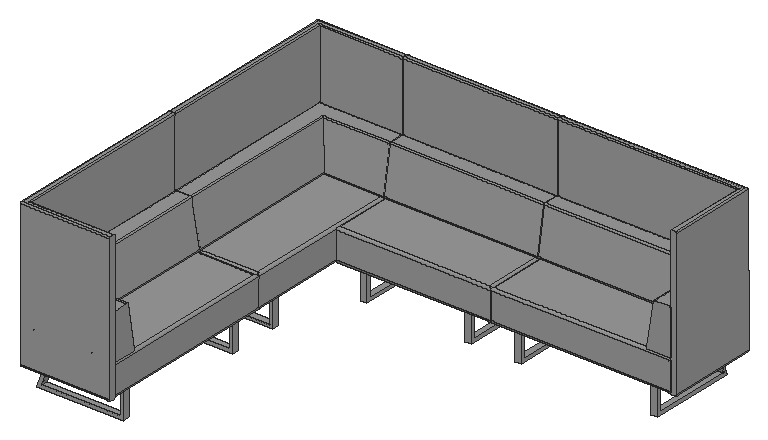
Revit family "TP2HL - TP2LRL", category Furniture, Revit 2016
Family settings
  OmniClass Number = 23.40.20.00
  OmniClass Title = General Furniture and Specialties
  Work Plane-Based = No
  Always vertical = Yes
  Cut with Voids When Loaded = No
  Shared = No
  Room Calculation Point = No
Parameters (values of type "TP2HL-K")
  URL = "www.gof.co.uk"
  Seat = GABRIEL Byron_02101
  Range = "SEATING"
  Product Data Specification = "https://gof.co.uk/wp-content/uploads/2016/02/Take-Off-Task-Product-Data-Sheet.compressed.pdf"
  Product Code = "TP2HL-K"
  Product Brochure = "https://gof.co.uk/wp-content/uploads/2016/04/Take_Off_Reception_Brochure_2016.pdf"
  Model = "TAKE OFF PLUS"
  Manufacturer = "Gresham Office Furniture"  # constant formula
  Low Surround = GABRIEL Byron_02101
  Low Surround (Vis) = no
  High Surround (Vis) = yes
  High Surround = GABRIEL Byron_02101
  Circular Leg Frame = no
  Back = GABRIEL Byron_13101
  Angled Base Frame = yes
Types (5, lengths in mm): name | Product Code | Low Surround (Vis) | High Surround (Vis) | Circular Leg Frame | Angled Base Frame
  (no name) | "TP2HL-K" | no | yes | no | yes
  TP2LL-K | "TP2LL-K" | yes | no | no | yes
  TP2HL-K | "TP2HL-K" | no | yes | no | yes
  TP2HL-4 | "TP2HL-4" | no | yes | yes | no
  TP2LL-4 | "TP2LL-4" | yes | no | yes | no
Reference planes
  plane 1 "Center (Front/Back)": y = 0
  plane 2: z = 0
  plane 3 "Center (Left/Right)": x = 0
  plane 4: z = 1360
  plane 5: y = 347.5
  plane 6: x = -1895
  plane 7: x = 1446
  plane 8: x = -1850
  plane 9: x = 1401
  plane 10: y = 302.5
  plane 11: y = -347.5
Dimensions and locks
  plane 4 to level = 1360 mm
  locked: plane 8 to plane 6 at 45
  locked: plane 7 to plane 9 at 45
  locked: plane 10 to plane 5 at 45
  locked: plane 11 to plane 5 at 695
  equal spacing: plane 11, plane 1 "Center (Front/Back)", plane 5
  plane 7 to plane 3 "Center (Left/Right)" to plane 6 = 1446 mm, 1895 mm
  plane 7 to plane 6 = 3341 mm
  plane 3 "Center (Left/Right)" to nested 3 = 1200 mm
  aligned and locked: level to plane 2
Nested families
  nested 1: "TP4H - TP4L Component" at (723, 0, 0) x (-1, 0, 0) z (0, 0, 1), type "TP4H-K"
  nested 2: "TP1H - TP1L Component" at (-600, 0, 0) x (-1, 0, 0) z (0, 0, 1), type "TP1H-K"
  nested 3: "TP4H - TP4L Component" at (-1547.5, -375.5, 0) x (0, -1, 0) z (0, 0, 1), type "TP4H-K"
  nested 4: "TP4H - TP4L Component" at (-1547.5, -1821.5, 0) x (0, 1, 0) z (0, 0, 1), type "TP4H-K"
Definition of nested family "TP4H - TP4L Component"
  Parameters (values of type "TP4H-K")
    URL = "www.gof.co.uk"
    Seat = none
    Range = "SEATING"
    Product Data Specification = "https://gof.co.uk/wp-content/uploads/2016/02/Take-Off-Task-Product-Data-Sheet.compressed.pdf"
    Product Code = "TP4H-K"
    Product Brochure = "https://gof.co.uk/wp-content/uploads/2016/04/Take_Off_Reception_Brochure_2016.pdf"
    Model = "TAKE OFF PLUS"
    Manufacturer = "Gresham Office Furniture"  # constant formula
    Low Surround = none
    Low Surround (Vis) = no
    High Surround (Vis) = yes
    High Surround = none
    Circular Leg Frame = no
    Back = none
    Angled Base Frame = yes
  Types (5, lengths in mm): name | Product Code | Low Surround (Vis) | High Surround (Vis) | Circular Leg Frame | Angled Base Frame
    (no name) | "TP4H-K" | no | yes | no | yes
    TP4L-K | "TP4L-K" | yes | no | no | yes
    TP4H-K | "TP4H-K" | no | yes | no | yes
    TP4H-4 | "TP4H-4" | no | yes | yes | no
    TP4L-4 | "TP4L-4" | yes | no | yes | no
  Reference planes
    plane 1 "Center (Front/Back)": y = 0
    plane 2: z = 0
    plane 3 "Center (Left/Right)": x = 0
    plane 4: y = 347.5
    plane 5: x = 723
    plane 6: x = -723
    plane 7 "Right Inner": x = 678
    plane 8 "Left Inner": x = -678
    plane 9: y = 302.5
    plane 10: y = -347.5
  Forms (mm)
    Extrusion 1, solid, material <- "Seat"
      sketch origin (0, 0, 215) x (0, 1, 0) y (-1, 0, 0)
        loop
          line (302.5, 678) -> (-347.5, 678) -> (-347.5, -723) -> (302.5, -723) -> (302.5, 678)
      from 0 to 250
    Sweep 2, solid, material <- "Back"
      path in 3D
        loop
          line (-678, -347.5, 465) -> (-678, 302.5, 465) -> (723, 302.5, 465)
      profile origin (22.5, 302.5, 465) x (0, 1, 0) y (0, 0, 1)
        loop
          line (-132.43, 351.697) -> (-190.985, 11.697)
          arc (-190.985, 11.697) -> (-188.778, 3.557) -> (-181.131, 0) r 10
          line (-181.131, 0) -> (-10, 0)
          arc (-10, 0) -> (-2.929, 2.929) -> (0, 10) r 10
          line (0, 10) -> (0, 350)
          arc (0, 350) -> (-2.929, 357.071) -> (-10, 360) r 10
          line (-10, 360) -> (-122.575, 360)
          arc (-122.575, 360) -> (-129.018, 357.648) -> (-132.43, 351.697) r 10
    Sweep 3, solid, material <- "Low Surround", visible <- "Low Surround (Vis)"
      path in 3D
        loop
          line (-678, -347.5, 465) -> (-678, 302.5, 465) -> (723, 302.5, 465)
      profile origin (22.5, 302.5, 465) x (0, 1, 0) y (0, 0, 1)
        loop
          arc (10, 360) -> (2.929, 357.071) -> (0, 350) r 10
          line (0, 350) -> (0, -240)
          arc (0, -240) -> (2.929, -247.071) -> (10, -250) r 10
          line (10, -250) -> (35, -250)
          arc (35, -250) -> (42.071, -247.071) -> (45, -240) r 10
          line (45, -240) -> (45, 350)
          arc (45, 350) -> (42.071, 357.071) -> (35, 360) r 10
          line (35, 360) -> (10, 360)
    Sweep 4, solid, material <- "High Surround", visible <- "High Surround (Vis)"
      path in 3D
        loop
          line (-678, -347.5, 1000) -> (-678, 302.5, 1000) -> (723, 302.5, 1000)
      profile origin (22.5, 302.5, 1000) x (0, 1, 0) y (0, 0, 1)
        loop
          arc (10, 360) -> (2.929, 357.071) -> (0, 350) r 10
          line (0, 350) -> (0, -775)
          arc (0, -775) -> (2.929, -782.071) -> (10, -785) r 10
          line (10, -785) -> (35, -785)
          arc (35, -785) -> (42.071, -782.071) -> (45, -775) r 10
          line (45, -775) -> (45, 350)
          arc (45, 350) -> (42.071, 357.071) -> (35, 360) r 10
          line (35, 360) -> (10, 360)
    Sweep 5, void
      path in 3D
        loop
          line (723, -347.5, 465) -> (723, 302.5, 465) -> (-678, 302.5, 465) -> (-678, -347.5, 465) -> (723, -347.5, 465)
      profile origin (22.5, -347.5, 465) x (0, 1, 0) y (0, 0, 1)
        loop
          line (0, 0) -> (0, -20)
          arc (0, -20) -> (5.858, -5.858) -> (20, 0) r 20
          line (20, 0) -> (0, 0)
    Sweep 6, void
      path in 3D
        loop
          line (723, -347.5, 215) -> (723, 302.5, 215) -> (-678, 302.5, 215) -> (-678, -347.5, 215) -> (723, -347.5, 215)
      profile origin (22.5, -347.5, 215) x (0, -1, 0) y (0, 0, -1)
        loop
          line (0, 0) -> (-20, 0)
          arc (-20, 0) -> (-5.858, -5.858) -> (0, -20) r 20
          line (0, -20) -> (0, 0)
  Cuts and joins
    Sweep 5, Sweep 6 cuts Sweep 4
    Sweep 5, Sweep 6 cuts Extrusion 1
    Sweep 5, Sweep 6 cuts Sweep 2
  Lines and regions (mm)
    sketch lines
      curve 1: line (-678, 302.5, 465) -> (723, 302.5, 465)
      curve 2: line (-678, -347.5, 465) -> (-678, 302.5, 465)
      curve 3: line (-678, 302.5, 465) -> (723, 302.5, 465)
      curve 4: line (-678, -347.5, 465) -> (-678, 302.5, 465)
      curve 5: line (-678, 302.5, 1000) -> (723, 302.5, 1000)
      curve 6: line (-678, -347.5, 1000) -> (-678, 302.5, 1000)
      curve 7: line (-678, -347.5, 465) -> (723, -347.5, 465)
      curve 8: line (723, -347.5, 465) -> (723, 302.5, 465)
      curve 9: line (-678, 302.5, 465) -> (-678, -347.5, 465)
      curve 10: line (723, 302.5, 465) -> (-678, 302.5, 465)
      curve 11: line (-678, -347.5, 215) -> (723, -347.5, 215)
      curve 12: line (723, -347.5, 215) -> (723, 302.5, 215)
      curve 13: line (-678, 302.5, 215) -> (-678, -347.5, 215)
      curve 14: line (723, 302.5, 215) -> (-678, 302.5, 215)
  Dimensions and locks
    plane 6 to plane 5 = 1446 mm
    locked: plane 7 "Right Inner" to plane 5 at 45
    locked: plane 6 to plane 8 "Left Inner" at 45
    locked: plane 9 to plane 4 at 45
    locked: plane 10 to plane 4 at 695
    equal spacing: plane 10, plane 1 "Center (Front/Back)", plane 4
    locked: nested 1 to plane 5 at 170
    locked: nested 1 to plane 10 at 26
    locked: plane 6 to nested 2 at 170
    locked: nested 2 to plane 10 at 26
    locked: nested 3 to plane 5 at 62.5
    locked: nested 3 to plane 10 at 20
    locked: plane 6 to nested 4 at 62.5
    locked: nested 4 to plane 10 at 20
    plane 6 to plane 3 "Center (Left/Right)" to plane 5 = 723 mm, 723 mm
    aligned and locked: level to plane 2
  Automatic sketch dimensions
    Extrusion 1 sketch curve to plane 8 "Left Inner" = 0 mm
    Extrusion 1 sketch curve to plane 10 = 0 mm
    Extrusion 1 sketch curve to plane 9 = 0 mm
    plane 7 "Right Inner" to Extrusion 1 sketch curve = 45 mm
    Sweep 2 sketch curve to profile plane = 0 mm  (x2)
    profile plane to Sweep 2 sketch curve = 10 mm  (x2)
    Sweep 2 sketch curve to Sweep 2 sketch curve = 10 mm  (x2)
    Sweep 2 sketch curve to Sweep 2 sketch curve = 112.575 mm
    Sweep 2 sketch curve to Sweep 2 sketch curve = 9.855 mm
    Sweep 2 sketch curve to Sweep 2 sketch curve = 171.131 mm
    profile plane to Sweep 2 sketch curve = 11.697 mm
    Sweep 2 sketch curve to Sweep 2 sketch curve = 340 mm
    profile plane to Sweep 3 sketch curve = 0 mm
    Sweep 3 sketch curve to profile plane = 10 mm  (x2)
    Sweep 3 sketch curve to Sweep 3 sketch curve = 25 mm  (x2)
    Sweep 3 sketch curve to Sweep 3 sketch curve = 10 mm
    Sweep 3 sketch curve to profile plane = 250 mm
    profile plane to Sweep 3 sketch curve = 350 mm
    profile plane to Sweep 4 sketch curve = 0 mm
    Sweep 4 sketch curve to profile plane = 10 mm  (x2)
    Sweep 4 sketch curve to Sweep 4 sketch curve = 25 mm  (x2)
    Sweep 4 sketch curve to Sweep 4 sketch curve = 10 mm
    Sweep 4 sketch curve to profile plane = 785 mm
    profile plane to Sweep 4 sketch curve = 350 mm
    Sweep 5 sketch curve to profile plane = 0 mm  (x2)
    Sweep 5 sketch curve to Sweep 5 sketch curve = 20 mm
    profile plane to Sweep 6 sketch curve = 0 mm
    Sweep 6 sketch curve to profile plane = 0 mm
    Sweep 6 sketch curve to Sweep 6 sketch curve = 20 mm
  Nested families
    nested 1: "Angled Base Frame" at (-122, -83, 0), visible <- "Angled Base Frame", type "Angled Base Frame"
    nested 2: "Angled Base Frame" at (122, -83, 0) x (-1, 0, 0) z (0, 0, 1), visible <- "Angled Base Frame", type "Angled Base Frame"
    nested 3: "Circular Leg Frame" at (-122, -83, 0), visible <- "Circular Leg Frame", type "Circular Leg Frame"
    nested 4: "Circular Leg Frame" at (122, -83, 0) x (-1, 0, 0) z (0, 0, 1), visible <- "Circular Leg Frame", type "Circular Leg Frame"
  Definition of nested family "Angled Base Frame"
    Parameters (values of type "Angled Base Frame")
      Width = 1690 mm
      URL = "www.gof.co.uk"
      Range = "TAKE OFF PLUS"
      Product Code = ""
      Manufacturer = "Gresham Office Funiture"  # constant formula
      Frame = none
    Reference planes
      plane 1 "Center (Front/Back)": y = 83
      plane 2: z = 0
      plane 3 "Center (Left/Right)": x = 0
      plane 4: x = -845
      plane 5: x = 845
      plane 6: y = 430.5
      plane 7: y = -264.5
    Forms (mm)
      Extrusion 1, solid, material <- "Frame"
        sketch origin (675, 334.886, 702) x (0, -1, 0) y (0, 0, 1)
          loop
            line (-101.614, -702) -> (573.386, -702) -> (573.386, -487) -> (-23.614, -487) -> (-101.614, -702)
          loop
            line (548.386, -677) -> (548.386, -512) -> (-6.089, -512) -> (-65.95, -677) -> (548.386, -677)
        from 0 to 50
    Dimensions and locks
      "Width": plane 4 to plane 5
      locked: plane 6 to plane 7 at 695
      equal spacing: plane 4, plane 3 "Center (Left/Right)", plane 5
      Extrusion 1 sketch curve to Extrusion 1 sketch curve = 25 mm  (x2)
      Extrusion 1 sketch curve to Extrusion 1 sketch curve = 675 mm
      Extrusion 1 sketch curve to Extrusion 1 sketch curve = 597 mm
      locked: Extrusion 1 to plane 5 at 170
      locked: Extrusion 1 to plane 7 at 26
      equal spacing: plane 6, plane 1 "Center (Front/Back)", plane 7
      aligned and locked: level to plane 2
    Automatic sketch dimensions
      Extrusion 1 sketch curve to level = 0 mm
      plane 6 to Extrusion 1 sketch curve = 6 mm
      Extrusion 1 sketch curve to plane 6 = 29.664 mm
      Extrusion 1 sketch curve to Extrusion 1 sketch curve = 17.525 mm
      level to Extrusion 1 sketch curve = 25 mm
      Extrusion 1 sketch curve to Extrusion 1 sketch curve = 165 mm
  Definition of nested family "Circular Leg Frame"
    Parameters (values of type "Circular Leg Frame")
      Width = 1690 mm
      URL = "www.gof.co.uk"
      Range = "TAKE OFF PLUS"
      Product Code = ""
      Manufacturer = "Gresham Office Funiture"  # constant formula
      Frame = none
      Foot = none
    Reference planes
      plane 1 "Center (Front/Back)": y = 83
      plane 2: z = 0
      plane 3 "Center (Left/Right)": x = 0
      plane 4: x = -845
      plane 5: x = 845
      plane 6: y = 430.5
      plane 7: y = -264.5
    Forms (mm)
      Extrusion 1, solid, material <- "Frame"
        sketch origin (770, 353.886, 702) x (0, -1, 0) y (0, 0, 1)
          loop
            line (553.386, -487) -> (-26.614, -487) -> (-26.614, -537) -> (553.386, -537) -> (553.386, -487)
        from 0 to 25
      Extrusion 2, solid, material <- "Frame"
        sketch origin (0, -25, 5) x (-1, 0, 0) y (0, -1, 0)
          loop
            circle (-757.5, 194.5) r 25
        from 0 to 210
      Extrusion 3, solid, material <- "Frame"
        sketch origin (0, 239, 5) x (-1, 0, 0) y (0, -1, 0)
          loop
            circle (-757.5, -161.5) r 25
        from 0 to 210
      Extrusion 4, solid, material <- "Foot"
        sketch origin (0, 0, 0) x (1, 0, 0) y (0, 1, 0)
          loop
            circle (757.5, -219.5) r 15
        from 0 to 5
      Extrusion 5, solid, material <- "Foot"
        sketch origin (0, 199, 0) x (1, 0, 0) y (0, 1, 0)
          loop
            circle (757.5, 201.5) r 15
        from 0 to 5
    Cuts and joins
      joined: Extrusion 1, Extrusion 2, Extrusion 3
    Dimensions and locks
      "Width": plane 4 to plane 5
      locked: plane 6 to plane 7 at 695
      equal spacing: plane 4, plane 3 "Center (Left/Right)", plane 5
      Extrusion 1 sketch curve to Extrusion 1 sketch curve = 50 mm
      locked: Extrusion 1 to plane 5 at 75
      locked: Extrusion 2 to plane 7 at 20
      Extrusion 2 to plane 7 = 70 mm
      locked: plane 6 to Extrusion 3 at 5
      plane 6 to Extrusion 5 = 15 mm
      Extrusion 4 to plane 7 = 45 mm
      plane 6 to Extrusion 5 = 30 mm
      equal spacing: plane 6, plane 1 "Center (Front/Back)", plane 7
      aligned and locked: level to plane 2
      aligned and locked: Extrusion 2 to Extrusion 1
    Automatic sketch dimensions
      Extrusion 1 sketch curve to plane 6 = 50 mm
      plane 7 to Extrusion 1 sketch curve = 65 mm
      level to Extrusion 1 sketch curve = 165 mm
      plane 5 to Extrusion 2 sketch curve = 87.5 mm
      plane 7 to Extrusion 2 sketch curve = 45 mm
      plane 6 to Extrusion 3 sketch curve = 30 mm
      Extrusion 3 sketch curve to plane 5 = 87.5 mm
      plane 5 to Extrusion 4 sketch curve = 87.5 mm
      plane 7 to Extrusion 4 sketch curve = 45 mm
      plane 6 to Extrusion 5 sketch curve = 30 mm
      Extrusion 5 sketch curve to plane 5 = 87.5 mm
      radius of Extrusion 2 sketch curve = 25 mm
      radius of Extrusion 3 sketch curve = 25 mm
      radius of Extrusion 4 sketch curve = 15 mm
      radius of Extrusion 5 sketch curve = 15 mm
Definition of nested family "TP1H - TP1L Component"
  Parameters (values of type "TP1H-K")
    URL = "www.gof.co.uk"
    Seat = none
    Range = "SEATING"
    Product Data Specification = "https://gof.co.uk/wp-content/uploads/2016/02/Take-Off-Task-Product-Data-Sheet.compressed.pdf"
    Product Code = "TP1H-K"
    Product Brochure = "https://gof.co.uk/wp-content/uploads/2016/04/Take_Off_Reception_Brochure_2016.pdf"
    Model = "TAKE OFF PLUS"
    Manufacturer = "Gresham Office Furniture"  # constant formula
    Low Surround = none
    Low Surround (Vis) = no
    High Surround (Vis) = yes
    High Surround = none
    Circular Leg Frame = no
    Back = none
    Angled Base Frame = yes
  Types (5, lengths in mm): name | Product Code | Low Surround (Vis) | High Surround (Vis) | Circular Leg Frame | Angled Base Frame
    (no name) | "TP1H-K" | no | yes | no | yes
    TP1L-K | "TP1L-K" | yes | no | no | yes
    TP1H-K | "TP1H-K" | no | yes | no | yes
    TP1H-4 | "TP1H-4" | no | yes | yes | no
    TP1L-4 | "TP1L-4" | yes | no | yes | no
  Reference planes
    plane 1 "Center (Front/Back)": y = 0
    plane 2: z = 0
    plane 3 "Center (Left/Right)": x = 0
    plane 4: y = 347.5
    plane 5: x = 600
    plane 6: x = -600
    plane 7 "Right Inner": x = 555
    plane 8 "Left Inner": x = -555
    plane 9: y = 302.5
    plane 10: y = -347.5
  Forms (mm)
    Extrusion 1, solid, material <- "Seat"
      sketch origin (0, 0, 215) x (0, 1, 0) y (-1, 0, 0)
        loop
          line (302.5, 600) -> (-347.5, 600) -> (-347.5, -600) -> (302.5, -600) -> (302.5, 600)
      from 0 to 250
    Sweep 2, solid, material <- "Back"
      path in 3D
        loop
          line (-600, 302.5, 465) -> (600, 302.5, 465)
      profile origin (0, 302.5, 465) x (0, 1, 0) y (0, 0, 1)
        loop
          line (-132.43, 351.697) -> (-190.985, 11.697)
          arc (-190.985, 11.697) -> (-188.778, 3.557) -> (-181.131, 0) r 10
          line (-181.131, 0) -> (-10, 0)
          arc (-10, 0) -> (-2.929, 2.929) -> (0, 10) r 10
          line (0, 10) -> (0, 350)
          arc (0, 350) -> (-2.929, 357.071) -> (-10, 360) r 10
          line (-10, 360) -> (-122.575, 360)
          arc (-122.575, 360) -> (-129.018, 357.648) -> (-132.43, 351.697) r 10
    Sweep 3, solid, material <- "Low Surround", visible <- "Low Surround (Vis)"
      path in 3D
        loop
          line (-600, 302.5, 465) -> (600, 302.5, 465)
      profile origin (0, 302.5, 465) x (0, 1, 0) y (0, 0, 1)
        loop
          arc (10, 360) -> (2.929, 357.071) -> (0, 350) r 10
          line (0, 350) -> (0, -240)
          arc (0, -240) -> (2.929, -247.071) -> (10, -250) r 10
          line (10, -250) -> (35, -250)
          arc (35, -250) -> (42.071, -247.071) -> (45, -240) r 10
          line (45, -240) -> (45, 350)
          arc (45, 350) -> (42.071, 357.071) -> (35, 360) r 10
          line (35, 360) -> (10, 360)
    Sweep 4, solid, material <- "High Surround", visible <- "High Surround (Vis)"
      path in 3D
        loop
          line (-600, 302.5, 1000) -> (600, 302.5, 1000)
      profile origin (0, 302.5, 1000) x (0, 1, 0) y (0, 0, 1)
        loop
          arc (10, 360) -> (2.929, 357.071) -> (0, 350) r 10
          line (0, 350) -> (0, -775)
          arc (0, -775) -> (2.929, -782.071) -> (10, -785) r 10
          line (10, -785) -> (35, -785)
          arc (35, -785) -> (42.071, -782.071) -> (45, -775) r 10
          line (45, -775) -> (45, 350)
          arc (45, 350) -> (42.071, 357.071) -> (35, 360) r 10
          line (35, 360) -> (10, 360)
    Sweep 5, void
      path in 3D
        loop
          line (600, -347.5, 465) -> (600, 302.5, 465) -> (-600, 302.5, 465) -> (-600, -347.5, 465) -> (600, -347.5, 465)
      profile origin (0, -347.5, 465) x (0, 1, 0) y (0, 0, 1)
        loop
          line (0, 0) -> (0, -20)
          arc (0, -20) -> (5.858, -5.858) -> (20, 0) r 20
          line (20, 0) -> (0, 0)
    Sweep 6, void
      path in 3D
        loop
          line (600, -347.5, 215) -> (600, 302.5, 215) -> (-600, 302.5, 215) -> (-600, -347.5, 215) -> (600, -347.5, 215)
      profile origin (0, -347.5, 215) x (0, -1, 0) y (0, 0, -1)
        loop
          line (0, 0) -> (-20, 0)
          arc (-20, 0) -> (-5.858, -5.858) -> (0, -20) r 20
          line (0, -20) -> (0, 0)
  Cuts and joins
    Sweep 5 cuts Sweep 3
    Sweep 5 cuts Sweep 4
    Sweep 5, Sweep 6 cuts Extrusion 1
    Sweep 5, Sweep 6 cuts Sweep 2
  Lines and regions (mm)
    sketch lines
      curve 1: line (-600, 302.5, 465) -> (600, 302.5, 465)
      curve 2: line (-600, 302.5, 465) -> (600, 302.5, 465)
      curve 3: line (-600, 302.5, 1000) -> (600, 302.5, 1000)
      curve 4: line (-600, -347.5, 465) -> (600, -347.5, 465)
      curve 5: line (600, -347.5, 465) -> (600, 302.5, 465)
      curve 6: line (-600, 302.5, 465) -> (-600, -347.5, 465)
      curve 7: line (600, 302.5, 465) -> (-600, 302.5, 465)
      curve 8: line (-600, -347.5, 215) -> (600, -347.5, 215)
      curve 9: line (600, -347.5, 215) -> (600, 302.5, 215)
      curve 10: line (-600, 302.5, 215) -> (-600, -347.5, 215)
      curve 11: line (600, 302.5, 215) -> (-600, 302.5, 215)
  Dimensions and locks
    plane 6 to plane 5 = 1200 mm
    locked: plane 7 "Right Inner" to plane 5 at 45
    locked: plane 6 to plane 8 "Left Inner" at 45
    locked: plane 9 to plane 4 at 45
    locked: plane 10 to plane 4 at 695
    equal spacing: plane 10, plane 1 "Center (Front/Back)", plane 4
    locked: nested 1 to plane 5 at 170
    locked: nested 1 to plane 10 at 26
    locked: plane 6 to nested 2 at 170
    locked: nested 2 to plane 10 at 26
    locked: nested 3 to plane 5 at 62.5
    locked: nested 3 to plane 10 at 20
    locked: plane 6 to nested 4 at 62.5
    locked: nested 4 to plane 10 at 20
    plane 6 to plane 3 "Center (Left/Right)" to plane 5 = 600 mm, 600 mm
    aligned and locked: level to plane 2
  Automatic sketch dimensions
    plane 8 "Left Inner" to Extrusion 1 sketch curve = 45 mm
    Extrusion 1 sketch curve to plane 10 = 0 mm
    Extrusion 1 sketch curve to plane 9 = 0 mm
    plane 7 "Right Inner" to Extrusion 1 sketch curve = 45 mm
    Sweep 2 sketch curve to profile plane = 0 mm  (x2)
    profile plane to Sweep 2 sketch curve = 10 mm  (x2)
    Sweep 2 sketch curve to Sweep 2 sketch curve = 10 mm  (x2)
    Sweep 2 sketch curve to Sweep 2 sketch curve = 112.575 mm
    Sweep 2 sketch curve to Sweep 2 sketch curve = 9.855 mm
    Sweep 2 sketch curve to Sweep 2 sketch curve = 171.131 mm
    profile plane to Sweep 2 sketch curve = 11.697 mm
    Sweep 2 sketch curve to Sweep 2 sketch curve = 340 mm
    profile plane to Sweep 3 sketch curve = 0 mm
    Sweep 3 sketch curve to profile plane = 10 mm  (x2)
    Sweep 3 sketch curve to Sweep 3 sketch curve = 25 mm  (x2)
    Sweep 3 sketch curve to Sweep 3 sketch curve = 10 mm
    Sweep 3 sketch curve to profile plane = 250 mm
    profile plane to Sweep 3 sketch curve = 350 mm
    profile plane to Sweep 4 sketch curve = 0 mm
    Sweep 4 sketch curve to profile plane = 10 mm  (x2)
    Sweep 4 sketch curve to Sweep 4 sketch curve = 25 mm  (x2)
    Sweep 4 sketch curve to Sweep 4 sketch curve = 10 mm
    Sweep 4 sketch curve to profile plane = 785 mm
    profile plane to Sweep 4 sketch curve = 350 mm
    Sweep 5 sketch curve to profile plane = 0 mm  (x2)
    Sweep 5 sketch curve to Sweep 5 sketch curve = 20 mm
    profile plane to Sweep 6 sketch curve = 0 mm
    Sweep 6 sketch curve to profile plane = 0 mm
    Sweep 6 sketch curve to Sweep 6 sketch curve = 20 mm
  Nested families
    nested 1: "Angled Base Frame" at (-245, -83, 0), visible <- "Angled Base Frame", type "Angled Base Frame"
    nested 2: "Angled Base Frame" at (245, -83, 0) x (-1, 0, 0) z (0, 0, 1), visible <- "Angled Base Frame", type "Angled Base Frame"
    nested 3: "Circular Leg Frame" at (-245, -83, 0), visible <- "Circular Leg Frame", type "Circular Leg Frame"
    nested 4: "Circular Leg Frame" at (245, -83, 0) x (-1, 0, 0) z (0, 0, 1), visible <- "Circular Leg Frame", type "Circular Leg Frame"
  Definition of nested family "Angled Base Frame"
    Parameters (values of type "Angled Base Frame")
      Width = 1690 mm
      URL = "www.gof.co.uk"
      Range = "TAKE OFF PLUS"
      Product Code = ""
      Manufacturer = "Gresham Office Funiture"  # constant formula
      Frame = none
    Reference planes
      plane 1 "Center (Front/Back)": y = 83
      plane 2: z = 0
      plane 3 "Center (Left/Right)": x = 0
      plane 4: x = -845
      plane 5: x = 845
      plane 6: y = 430.5
      plane 7: y = -264.5
    Forms (mm)
      Extrusion 1, solid, material <- "Frame"
        sketch origin (675, 334.886, 702) x (0, -1, 0) y (0, 0, 1)
          loop
            line (-101.614, -702) -> (573.386, -702) -> (573.386, -487) -> (-23.614, -487) -> (-101.614, -702)
          loop
            line (548.386, -677) -> (548.386, -512) -> (-6.089, -512) -> (-65.95, -677) -> (548.386, -677)
        from 0 to 50
    Dimensions and locks
      "Width": plane 4 to plane 5
      locked: plane 6 to plane 7 at 695
      equal spacing: plane 4, plane 3 "Center (Left/Right)", plane 5
      Extrusion 1 sketch curve to Extrusion 1 sketch curve = 25 mm  (x2)
      Extrusion 1 sketch curve to Extrusion 1 sketch curve = 675 mm
      Extrusion 1 sketch curve to Extrusion 1 sketch curve = 597 mm
      locked: Extrusion 1 to plane 5 at 170
      locked: Extrusion 1 to plane 7 at 26
      equal spacing: plane 6, plane 1 "Center (Front/Back)", plane 7
      aligned and locked: level to plane 2
    Automatic sketch dimensions
      Extrusion 1 sketch curve to level = 0 mm
      plane 6 to Extrusion 1 sketch curve = 6 mm
      Extrusion 1 sketch curve to plane 6 = 29.664 mm
      Extrusion 1 sketch curve to Extrusion 1 sketch curve = 17.525 mm
      level to Extrusion 1 sketch curve = 25 mm
      Extrusion 1 sketch curve to Extrusion 1 sketch curve = 165 mm
  Definition of nested family "Circular Leg Frame"
    Parameters (values of type "Circular Leg Frame")
      Width = 1690 mm
      URL = "www.gof.co.uk"
      Range = "TAKE OFF PLUS"
      Product Code = ""
      Manufacturer = "Gresham Office Funiture"  # constant formula
      Frame = none
      Foot = none
    Reference planes
      plane 1 "Center (Front/Back)": y = 83
      plane 2: z = 0
      plane 3 "Center (Left/Right)": x = 0
      plane 4: x = -845
      plane 5: x = 845
      plane 6: y = 430.5
      plane 7: y = -264.5
    Forms (mm)
      Extrusion 1, solid, material <- "Frame"
        sketch origin (770, 353.886, 702) x (0, -1, 0) y (0, 0, 1)
          loop
            line (553.386, -487) -> (-26.614, -487) -> (-26.614, -537) -> (553.386, -537) -> (553.386, -487)
        from 0 to 25
      Extrusion 2, solid, material <- "Frame"
        sketch origin (0, -25, 5) x (-1, 0, 0) y (0, -1, 0)
          loop
            circle (-757.5, 194.5) r 25
        from 0 to 210
      Extrusion 3, solid, material <- "Frame"
        sketch origin (0, 239, 5) x (-1, 0, 0) y (0, -1, 0)
          loop
            circle (-757.5, -161.5) r 25
        from 0 to 210
      Extrusion 4, solid, material <- "Foot"
        sketch origin (0, 0, 0) x (1, 0, 0) y (0, 1, 0)
          loop
            circle (757.5, -219.5) r 15
        from 0 to 5
      Extrusion 5, solid, material <- "Foot"
        sketch origin (0, 199, 0) x (1, 0, 0) y (0, 1, 0)
          loop
            circle (757.5, 201.5) r 15
        from 0 to 5
    Cuts and joins
      joined: Extrusion 1, Extrusion 2, Extrusion 3
    Dimensions and locks
      "Width": plane 4 to plane 5
      locked: plane 6 to plane 7 at 695
      equal spacing: plane 4, plane 3 "Center (Left/Right)", plane 5
      Extrusion 1 sketch curve to Extrusion 1 sketch curve = 50 mm
      locked: Extrusion 1 to plane 5 at 75
      locked: Extrusion 2 to plane 7 at 20
      Extrusion 2 to plane 7 = 70 mm
      locked: plane 6 to Extrusion 3 at 5
      plane 6 to Extrusion 5 = 15 mm
      Extrusion 4 to plane 7 = 45 mm
      plane 6 to Extrusion 5 = 30 mm
      equal spacing: plane 6, plane 1 "Center (Front/Back)", plane 7
      aligned and locked: level to plane 2
      aligned and locked: Extrusion 2 to Extrusion 1
    Automatic sketch dimensions
      Extrusion 1 sketch curve to plane 6 = 50 mm
      plane 7 to Extrusion 1 sketch curve = 65 mm
      level to Extrusion 1 sketch curve = 165 mm
      plane 5 to Extrusion 2 sketch curve = 87.5 mm
      plane 7 to Extrusion 2 sketch curve = 45 mm
      plane 6 to Extrusion 3 sketch curve = 30 mm
      Extrusion 3 sketch curve to plane 5 = 87.5 mm
      plane 5 to Extrusion 4 sketch curve = 87.5 mm
      plane 7 to Extrusion 4 sketch curve = 45 mm
      plane 6 to Extrusion 5 sketch curve = 30 mm
      Extrusion 5 sketch curve to plane 5 = 87.5 mm
      radius of Extrusion 2 sketch curve = 25 mm
      radius of Extrusion 3 sketch curve = 25 mm
      radius of Extrusion 4 sketch curve = 15 mm
      radius of Extrusion 5 sketch curve = 15 mm
